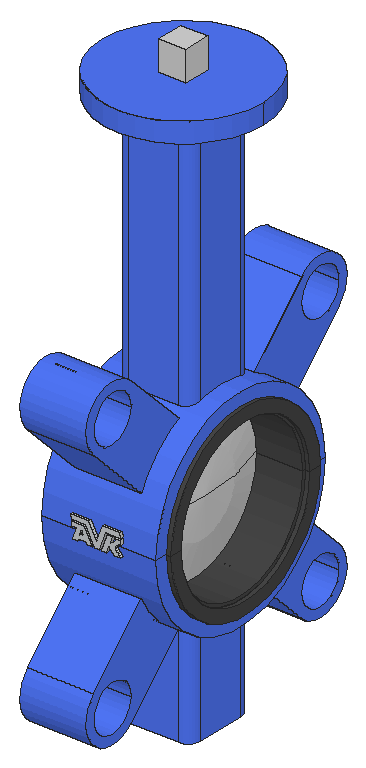
Revit family "820-10-029-DN25-65", category Pipe Accessories, Revit 2022
Family settings
  Round Connector Dimension = Use Diameter
  Part Type = Valve - Breaks Into
  Work Plane-Based = No
  Always vertical = Yes
  Cut with Voids When Loaded = No
  Shared = No
Parameters (values of type "DN65_PN10/16")
  fillet = 2 * Body_wallthickness  # 20 mm
  disk = LUG_T * 0.7  # 12.88 mm
  W2_ref = size_lookup(Search_table, "W2", 0 mm, DN)  # 150 mm
  URL product pages = "https://www.avkvalves.com/P.aspx?no=820002510541L0160002"
  Search_table = "820-10-029-DN25-65"
  Rubber_R = (Body_wallthickness / 2) + ID  # 37.5 mm
  PCD = size_lookup(Search_table, "PCD", 0 mm, DN) / 2  # 72.5 mm
  Lug_D = (Hole_dia / 2) * 1.4  # 13.3 mm
  L_ref_3 = L_ref / 1.2  # 25 mm
  L_ref_2 = L_ref * 2  # 60 mm
  L_ref = L - (Flange_thickness * 2)  # 30 mm
  LUG_T = L * 0.4  # 18.4 mm
  L2 = size_lookup(Search_table, "L2", 0 mm, DN) / 2  # 65.5 mm
  L = size_lookup(Search_table, "L", 0 mm, DN)  # 46 mm
  ID = DN / 2  # 32.5 mm
  Hole_dia = size_lookup(Search_table, "Hole_dia", 0 mm, DN)  # 19 mm
  H2 = size_lookup(Search_table, "H2", 0 mm, DN)  # 82 mm
  Flange_thickness = size_lookup(Search_table, "Flange_Thickness", 0 mm, DN)  # 8 mm
  F2 = size_lookup(Search_table, "F2", 0 mm, DN)  # 12 mm
  F = size_lookup(Search_table, "F", 0 mm, DN)  # 11 mm
  EPDM = ID - 1 mm  # 31.5 mm
  Description_ = "AVK CENTRIC BUTTERFLY VALVE LUG TYPE, PN10/16"
  Default Elevation = 0 mm
  DN65_PN10/16 = "820-0065-10-541L0160002"
  DN = 65 mm
  Bore = DN / 2  # 32.5 mm
  Body_wallthickness = 10 mm  # constant formula
  DN50_PN10/16 = "820-0050-10-541L0160002"
  DN40_PN10/16 = "820-0040-10-541L0160002"
  DN32_PN10/16 = "820-0032-10-541L0160002"
  DN25_PN10/16 = "820-0025-10-541L0160002"
  Actuator_Dia = size_lookup(Search_table, "Actuator_Dia", 0 mm, DN)  # 65 mm
  Actuator FL_D = size_lookup(Search_table, "Actuator FL_D", 0 mm, DN)  # 80 mm
  90 = 90 mm  # constant formula
  2 = 2 mm  # constant formula
Types (6, lengths in mm): name | disk | W2_ref | Rubber_R | PCD | Lug_D | L_ref_3 | L_ref_2 | L_ref | LUG_T | L2 | L | ID | Hole_dia | H2 | Flange_thickness | F | EPDM | DN | Bore | Actuator FL_D
  (no name) | 12.88 | 150 | 37.5 | 72.5 | 13.3 | 25 | 60 | 30 | 18.4 | 65.5 | 46 | 32.5 | 19 | 82 | 8 | 11 | 31.5 | 65 | 32.5 | 80
  DN25_PN10/16 | 8.4 | 110 | 17.5 | 42.5 | 9.8 | 15 | 36 | 18 | 12 | 50.5 | 30 | 12.5 | 14 | 51 | 6 | 8 | 11.5 | 25 | 12.5 | 50
  DN32_PN10/16 | 8.4 | 110 | 21 | 50 | 13.3 | 15 | 36 | 18 | 12 | 50.5 | 30 | 16 | 19 | 51 | 6 | 8 | 15 | 32 | 16 | 60
  DN40_PN10/16 | 9.24 | 130 | 25 | 55 | 13.3 | 15.833 | 38 | 19 | 13.2 | 54 | 33 | 20 | 19 | 54 | 7 | 8 | 19 | 40 | 20 | 70
  DN50_PN10/16 | 12.04 | 135 | 30 | 62.5 | 13.3 | 24.167 | 58 | 29 | 17.2 | 58 | 43 | 25 | 19 | 72 | 7 | 11 | 24 | 50 | 25 | 70
  DN65_PN10/16 | 12.88 | 150 | 37.5 | 72.5 | 13.3 | 25 | 60 | 30 | 18.4 | 65.5 | 46 | 32.5 | 19 | 82 | 8 | 11 | 31.5 | 65 | 32.5 | 80
Reference planes
  plane 1 "Center (Front/Back)": y = 0
  plane 2: z = 0
  plane 3 "Center (Left/Right)": x = 0
  plane 4: z = 150
  plane 5: z = -82
  plane 6: y = 15
  plane 7: x = -15
  plane 8: y = -15
  plane 9: x = 15
  plane 10: x = -10
  plane 11: x = 10
  plane 12: y = -10
  plane 13: y = -10
  plane 14: x = -10
  plane 15: x = 10
  plane 16: y = 10
  plane 17: y = 10
  plane 18: z = 162
  plane 19: z = 32.5
  plane 20: z = -32.5
  plane 21: y = -65.5
  plane 22: y = 65.5
  plane 23: x = -23
  plane 24: x = 23
  plane 25: x = -9.2
  plane 26: x = 9.2
  plane 27: x = -9.2
  plane 28: x = 9.2
  plane 29: through (0, 0, 0) normal (0, 0.7071, 0.7071)
  plane 30: through (0, 0, 0) normal (0, 0.7071, -0.7071)
  plane 31: x = -9.2
  plane 32: x = 9.2
  plane 33: x = 5.5
  plane 34: x = -5.5
  plane 35: y = 32.5
  plane 36: y = -32.5
  plane 37: x = -32.5
  plane 38: x = 32.5
Forms (mm)
  Revolve 1, solid, material "Plastic"
    sketch origin (0, 0, 0) x (1, 0, 0) y (0, 1, 0)
      loop
        line (-23, 42.5) -> (-23, 32.5) -> (23, 32.5) -> (23, 42.5) -> (-23, 42.5)
      axis (-23, 0) -> (23, 0)
    angle from 0 to 360
  Extrusion 2, solid, material "Plastic"
    sketch origin (0, 0, 0) x (1, 0, 0) y (0, 1, 0)
      loop
        arc (-10, 15) -> (-13.536, 13.536) -> (-15, 10) r 5
        line (-15, 10) -> (-15, -10)
        arc (-15, -10) -> (-13.536, -13.536) -> (-10, -15) r 5
        line (-10, -15) -> (10, -15)
        arc (10, -15) -> (13.536, -13.536) -> (15, -10) r 5
        line (15, -10) -> (15, 10)
        arc (15, 10) -> (13.536, 13.536) -> (10, 15) r 5
        line (10, 15) -> (-10, 15)
    from -82 to 142
  Extrusion 3, solid, material "Plastic"
    sketch origin (0, 0, 0) x (1, 0, 0) y (0, 1, 0)
      loop
        circle (0, 0) r 32.5
    from 142 to 150
  Extrusion 4, solid, material "Stainless Steel AISI 304"
    sketch origin (0, 0, 0) x (1, 0, 0) y (0, 1, 0)
      loop
        line (-5.5, 5.5) -> (-5.5, -5.5) -> (5.5, -5.5) -> (5.5, 5.5) -> (-5.5, 5.5)
    from 150 to 162
  Revolve 5, void
    sketch origin (0, 0, 0) x (1, 0, 0) y (0, 1, 0)
      loop
        line (-23, 32.5) -> (-23, 0) -> (23, 0) -> (23, 32.5) -> (-23, 32.5)
      axis (-23, 0) -> (23, 0)
    angle from 0 to 360
  Revolve 6, solid, material "Stainless Steel AISI 304"
    sketch origin (0, 0, 0) x (1, 0, 0) y (0, 1, 0)
      loop
        line (-9.2, 0) -> (9.2, 0)
        arc (9.2, 0) -> (7.82, 16.484) -> (3.68, 32.5) r 97.757
        line (3.68, 32.5) -> (-3.68, 32.5)
        arc (-3.68, 32.5) -> (-7.82, 16.484) -> (-9.2, 0) r 97.757
      axis (-9.2, 0) -> (9.2, 0)
    angle from 0 to 360
  Revolve 7, solid, material "Default Wall"
    sketch origin (0, 0, 0) x (1, 0, 0) y (0, 1, 0)
      loop
        line (-23, 32.5) -> (-23, 31.5) -> (23, 31.5) -> (23, 32.5) -> (-23, 32.5)
      axis (23, 0) -> (-23, 0)
    angle from 0 to 360
  Extrusion 8, solid, material "Plastic"
    sketch origin (0, 0, 0) x (0, 1, 0) y (0, 0, 1)
      loop
        arc (-30.373, 11.564) -> (-22.981, 22.981) -> (-11.564, 30.373) r 32.5
        line (-11.564, 30.373) -> (-42.795, 61.605)
        arc (-42.795, 61.605) -> (-61.605, 61.605) -> (-61.605, 42.795) r 13.3
        line (-61.605, 42.795) -> (-30.373, 11.564)
      loop
        circle (-52.2, 52.2) r 9.5
    from -13.3 to 13.3
  Extrusion 9, solid, material "Plastic"
    sketch origin (0, 0, 0) x (0, -1, 0) y (0, 0, -1)
      loop
        line (-30.373, -11.564) -> (-61.605, -42.795)
        arc (-61.605, -42.795) -> (-61.605, -61.605) -> (-42.795, -61.605) r 13.3
        line (-42.795, -61.605) -> (-11.564, -30.373)
        arc (-11.564, -30.373) -> (-22.981, -22.981) -> (-30.373, -11.564) r 32.5
      loop
        circle (-52.2, -52.2) r 9.5
    from -13.3 to 13.3
  Extrusion 10, solid, material "Plastic"
    sketch origin (0, 0, 0) x (0, 1, 0) y (0, 0, 1)
      loop
        line (-30.373, -11.564) -> (-61.605, -42.795)
        arc (-61.605, -42.795) -> (-61.605, -61.605) -> (-42.795, -61.605) r 13.3
        line (-42.795, -61.605) -> (-11.564, -30.373)
        arc (-11.564, -30.373) -> (-22.981, -22.981) -> (-30.373, -11.564) r 32.5
      loop
        circle (-52.2, -52.2) r 9.5
    from -13.3 to 13.3
  Extrusion 11, solid, material "Plastic"
    sketch origin (0, 0, 0) x (0, -1, 0) y (0, 0, -1)
      loop
        arc (-30.373, 11.564) -> (-22.981, 22.981) -> (-11.564, 30.373) r 32.5
        line (-11.564, 30.373) -> (-42.795, 61.605)
        arc (-42.795, 61.605) -> (-61.605, 61.605) -> (-61.605, 42.795) r 13.3
        line (-61.605, 42.795) -> (-30.373, 11.564)
      loop
        circle (-52.2, 52.2) r 9.5
    from -13.3 to 13.3
  Revolve 12, solid, material "Default Wall"
    sketch origin (0, 0, 0) x (1, 0, 0) y (0, 1, 0)
      loop
        line (-25, 37.5) -> (-25, 32.5) -> (-23, 32.5) -> (-23, 37.5) -> (-25, 37.5)
      loop
        line (23, 37.5) -> (23, 32.5) -> (25, 32.5) -> (25, 37.5) -> (23, 37.5)
      axis (-25, 0) -> (25, 0)
    angle from 0 to 360
Cuts and joins
  Revolve 5 cuts Revolve 1
  Revolve 5 cuts Extrusion 2
Dimensions and locks
  equal spacing: Revolve 1 sketch curve, plane 3 "Center (Left/Right)", Revolve 1 sketch curve
  "ID": plane 1 "Center (Front/Back)" to Revolve 1 sketch curve
  "Body_wallthickness": Revolve 1 sketch curve to Revolve 1 sketch curve
  "W2_ref": plane 4 to level
  "H2": level to plane 5
  locked: plane 7 to plane 10 at 5
  locked: plane 11 to plane 9 at 5
  locked: plane 6 to plane 16 at 5
  locked: plane 12 to plane 8 at 5
  locked: plane 15 to plane 9 at 5
  locked: plane 7 to plane 14 at 5
  locked: plane 13 to plane 8 at 5
  locked: plane 17 to plane 6 at 5
  equal spacing: plane 7, plane 3 "Center (Left/Right)", plane 9
  "L_ref": plane 7 to plane 9
  equal spacing: plane 6, plane 1 "Center (Front/Back)", plane 8
  "L_ref": plane 6 to plane 8
  "Flange_thickness": plane 4 to Extrusion 3
  "F2": plane 18 to plane 4
  equal spacing: plane 19, level, plane 20
  "ID": plane 19 to level
  "L2": plane 1 "Center (Front/Back)" to plane 21
  equal spacing: plane 22, plane 1 "Center (Front/Back)", plane 21
  plane 18 to plane 4 = 12 mm
  equal spacing: Extrusion 4 sketch curve, plane 3 "Center (Left/Right)", Extrusion 4 sketch curve
  equal spacing: Extrusion 4 sketch curve, plane 1 "Center (Front/Back)", Extrusion 4 sketch curve
  "F": Extrusion 4 sketch curve to Extrusion 4 sketch curve  (x2)
  equal spacing: plane 24, plane 3 "Center (Left/Right)", plane 23
  "L": plane 24 to plane 23
  equal spacing: Revolve 5 sketch curve, plane 3 "Center (Left/Right)", Revolve 5 sketch curve
  "L": Revolve 5 sketch curve to Revolve 5 sketch curve
  "ID": plane 1 "Center (Front/Back)" to Revolve 5 sketch curve
  "L": Revolve 1 sketch curve to Revolve 1 sketch curve
  "Flange_thickness": plane 4 to cut or joined group of Extrusion 2, Revolve 5
  equal spacing: plane 23, Extrusion 3 sketch curve, plane 24
  equal spacing: plane 21, Extrusion 3 sketch curve, plane 22
  equal spacing: plane 26, plane 3 "Center (Left/Right)", plane 25
  "LUG_T": plane 26 to plane 25
  equal spacing: Revolve 7 sketch curve, plane 3 "Center (Left/Right)", Revolve 7 sketch curve
  "EPDM": plane 1 "Center (Front/Back)" to Revolve 7 sketch curve
  "ID": plane 1 "Center (Front/Back)" to Revolve 7 sketch curve
  "ID": plane 1 "Center (Front/Back)" to Revolve 6 sketch curve
  equal spacing: plane 24, nested 1, plane 23
  equal spacing: Revolve 6 sketch curve, plane 3 "Center (Left/Right)", Revolve 6 sketch curve  (x2)
  equal spacing: plane 27, plane 3 "Center (Left/Right)", plane 28
  "LUG_T": plane 27 to plane 28
  "LUG_T": plane 27 to Revolve 6 sketch curve
  "disk": Revolve 6 sketch curve to plane 28
  equal spacing: Extrusion 8 sketch curve, plane 29, Extrusion 8 sketch curve  (x2)
  "Lug_D": Extrusion 8 sketch curve to plane 29
  equal spacing: plane 32, plane 3 "Center (Left/Right)", plane 31
  "LUG_T": plane 32 to plane 31
  "L2": plane 1 "Center (Front/Back)" to Extrusion 8 sketch curve
  equal spacing: Extrusion 9 sketch curve, plane 30, Extrusion 9 sketch curve  (x2)
  "Lug_D": Extrusion 9 sketch curve to plane 30
  "L2": Extrusion 9 sketch curve to plane 1 "Center (Front/Back)"
  equal spacing: Extrusion 11 sketch curve, plane 29, Extrusion 11 sketch curve  (x2)
  "L2": Extrusion 11 sketch curve to plane 1 "Center (Front/Back)"
  "Lug_D": plane 29 to Extrusion 11 sketch curve
  "Lug_D": Extrusion 10 sketch curve to plane 30
  "L2": plane 1 "Center (Front/Back)" to Extrusion 10 sketch curve
  equal spacing: Extrusion 10 sketch curve, plane 30, Extrusion 10 sketch curve  (x2)
  equal spacing: Extrusion 9, plane 3 "Center (Left/Right)", Extrusion 9
  "Lug_D": plane 3 "Center (Left/Right)" to Extrusion 9
  equal spacing: Extrusion 11, plane 3 "Center (Left/Right)", Extrusion 11
  "Lug_D": Extrusion 11 to plane 3 "Center (Left/Right)"
  plane 22 to plane 21 = 131 mm
  plane 24 to plane 23 = 46 mm
  equal spacing: plane 33, plane 3 "Center (Left/Right)", plane 34
  "F": plane 34 to plane 33
  equal spacing: plane 35, plane 1 "Center (Front/Back)", plane 36
  "Actuator_Dia": plane 35 to plane 36
  equal spacing: Revolve 12 sketch curve, plane 3 "Center (Left/Right)", Revolve 12 sketch curve  (x2)
  "ID": plane 1 "Center (Front/Back)" to Revolve 12 sketch curve
  "2": Revolve 12 sketch curve to plane 23
  "Rubber_R": plane 1 "Center (Front/Back)" to Revolve 12 sketch curve
  equal spacing: plane 38, plane 3 "Center (Left/Right)", plane 37
  "Actuator_Dia": plane 38 to plane 37
  equal spacing: Extrusion 8, plane 3 "Center (Left/Right)", Extrusion 8
  "Lug_D": plane 3 "Center (Left/Right)" to Extrusion 8
  equal spacing: Extrusion 10, plane 3 "Center (Left/Right)", Extrusion 10
  "Lug_D": plane 3 "Center (Left/Right)" to Extrusion 10
  "Actuator_Dia": diameter of Extrusion 3 sketch curve
  "Bore": radius of Extrusion 8 sketch curve
  "Bore": radius of Extrusion 9 sketch curve
  "Bore": radius of Extrusion 10 sketch curve
  "Bore": radius of Extrusion 11 sketch curve
  "Hole_dia": diameter of Extrusion 9 sketch curve
  "Hole_dia": diameter of Extrusion 8 sketch curve
  "Hole_dia": diameter of Extrusion 11 sketch curve
  "Hole_dia": diameter of Extrusion 10 sketch curve
  angle level to plane 29 = 45.00°
  angle plane 30 to level = 45.00°
  aligned and locked: level to plane 2
  aligned and locked: plane 1 "Center (Front/Back)" to Revolve 1 sketch curve
  aligned and locked: plane 11 to Extrusion 2 sketch curve
  aligned and locked: plane 6 to Extrusion 2 sketch curve  (x2)
  aligned and locked: plane 16 to Extrusion 2 sketch curve
  aligned and locked: plane 9 to Extrusion 2 sketch curve  (x2)
  aligned and locked: plane 12 to Extrusion 2 sketch curve
  aligned and locked: plane 8 to Extrusion 2 sketch curve  (x2)
  aligned and locked: plane 15 to Extrusion 2 sketch curve
  aligned and locked: plane 14 to Extrusion 2 sketch curve
  aligned and locked: plane 7 to Extrusion 2 sketch curve  (x2)
  aligned and locked: plane 13 to Extrusion 2 sketch curve
  aligned and locked: plane 17 to Extrusion 2 sketch curve
  aligned and locked: plane 10 to Extrusion 2 sketch curve
  aligned and locked: Extrusion 2 to plane 5
  aligned and locked: Extrusion 3 to plane 4
  aligned and locked: plane 18 to Extrusion 4
  aligned and locked: plane 4 to Extrusion 4
  aligned and locked: Revolve 5 sketch curve to plane 1 "Center (Front/Back)"
  aligned and locked: plane 1 "Center (Front/Back)" to Revolve 5 sketch curve
  aligned and locked: Revolve 6 sketch curve to plane 1 "Center (Front/Back)"
  aligned and locked: plane 23 to Revolve 7 sketch curve
  aligned and locked: Revolve 7 sketch curve to plane 1 "Center (Front/Back)"
  aligned and locked: Revolve 12 sketch curve to Revolve 12 sketch curve  (x2)
  aligned and locked: Revolve 12 sketch curve to plane 23
  aligned and locked: plane 1 "Center (Front/Back)" to Revolve 12 sketch curve
Automatic sketch dimensions
  Revolve 1 sketch curve to plane 23 = 0 mm
  Revolve 1 sketch curve to plane 24 = 0 mm
  Revolve 5 sketch curve to plane 37 = 48.546 mm
  plane 23 to Revolve 5 sketch curve = 0.357 mm
  plane 1 "Center (Front/Back)" to Revolve 6 sketch curve = 0 mm
  Revolve 6 sketch curve to plane 1 "Center (Front/Back)" = 0.115 mm  (x2)
  Revolve 6 sketch curve to plane 37 = 1.242 mm
  Revolve 6 sketch curve to plane 38 = 0.584 mm
  Revolve 7 sketch curve to plane 38 = 26.469 mm
  Revolve 7 sketch curve to Revolve 7 sketch curve = 12.301 mm
  Extrusion 8 sketch curve to Extrusion 8 sketch curve = 0 mm  (x3)
  Extrusion 8 sketch curve to level = 0 mm
  Extrusion 8 sketch curve to plane 1 "Center (Front/Back)" = 0 mm
  Extrusion 9 sketch curve to Extrusion 9 sketch curve = 0 mm  (x3)
  Extrusion 9 sketch curve to level = 0 mm
  Extrusion 9 sketch curve to plane 1 "Center (Front/Back)" = 0 mm
  Extrusion 10 sketch curve to Extrusion 10 sketch curve = 0 mm  (x3)
  Extrusion 10 sketch curve to level = 0 mm
  Extrusion 10 sketch curve to plane 1 "Center (Front/Back)" = 0 mm
  Extrusion 11 sketch curve to Extrusion 11 sketch curve = 0 mm  (x2)
  Extrusion 11 sketch curve to level = 0 mm
  Extrusion 11 sketch curve to plane 1 "Center (Front/Back)" = 0 mm
  Revolve 12 sketch curve to plane 37 = 119.789 mm
  plane 23 to Revolve 12 sketch curve = 2.88 mm
Nested families
  nested 1: "Latest New 3" at (0, -42.38, -3.186) x (1, 0, 0) z (0, -0.9972, -0.075), type "Latest New 3"
Connectors
  piping at (23, 0, 0), diameter 65, driven by "DN"
    settings: on Revolve 1, index 1, connector inside diameter 609.6 mm, connector length 0 mm, flow factor 0, pipe flow 0.0 L/s, pressure drop 0.0 Pa, fitting loss kfactor 0, connector angle 0.00°, fixture units 0, engagement length 0 mm, angle of deflection 0.00°, flow configuration 0, flow direction 0, fitting loss method 0, system type 7, joint type 0, gender type 0, connector reference index -1, connector utility 0, adjustable connector no, is connector primary yes, connector description ""
  piping at (-23, 0, 0), diameter 65, driven by "DN"
    settings: on cut or joined group of Revolve 1, Revolve 5, index 2, connector inside diameter 609.6 mm, connector length 0 mm, flow factor 0, pipe flow 0.0 L/s, pressure drop 0.0 Pa, fitting loss kfactor 0, connector angle 0.00°, fixture units 0, engagement length 0 mm, angle of deflection 0.00°, flow configuration 0, flow direction 0, fitting loss method 0, system type 7, joint type 0, gender type 0, connector reference index -1, connector utility 0, adjustable connector no, is connector primary no, connector description ""
Definition of nested family "Latest New 3"
  Parameters
    Default Elevation = 1219.2 mm
  Reference planes
    plane 1 "Center (Front/Back)": y = 0
    plane 2: z = 0
    plane 3 "Center (Left/Right)": x = 0
  Forms (mm)
    Extrusion 1, solid
      sketch origin (0, 0, 0) x (1, 0, 0) y (0, 1, 0)
        loop
          line (-1219.2, 1219.2) -> (-1219.2, -1219.2) -> (1219.2, -1219.2) -> (1219.2, 1219.2) -> (-1219.2, 1219.2)
      from 0 to -304.8
    Extrusion 2, solid
      sketch origin (0, 0, 0) x (1, 0, 0) y (0, 1, 0)
        loop
          line (-2.683, 9.413) -> (-9.884, 9.413) -> (-9.884, 7.46) -> (-4.022, 7.46) -> (-0.985, 0) -> (0.985, 0) -> (4.022, 7.46) -> (9.884, 7.46) -> (9.884, 9.413) -> (2.683, 9.413) -> (0, 2.824) -> (-2.683, 9.413)
        loop
          line (-4.528, 6.707) -> (-9.884, 6.707) -> (-9.884, 4.824) -> (-8.032, 4.824) -> (-9.884, 0) -> (-7.792, 0) -> (-7.394, 1.035) -> (-4.328, 1.035) -> (-3.907, 0) -> (-1.798, 0) -> (-4.528, 6.707)
        loop
          line (-6.91, 2.824) -> (-5.056, 2.824) -> (-6.01, 5.167) -> (-6.91, 2.824)
        loop
          line (1.798, 0) -> (3.907, 0) -> (4.98, 2.637) -> (6.968, 0) -> (9.413, 0) -> (7.166, 2.983)
          arc (7.166, 2.983) -> (8.216, 3.774) -> (9.007, 4.824) r 4.724
          line (9.007, 4.824) -> (9.884, 4.824) -> (9.884, 6.707) -> (8.001, 6.707)
          arc (8.001, 6.707) -> (7.315, 5.008) -> (5.642, 4.261) r 2.448
          line (5.642, 4.261) -> (6.637, 6.707) -> (4.528, 6.707) -> (1.798, 0)
      from 0 to 1
  Dimensions and locks
    aligned and locked: plane 2 to Extrusion 1
    aligned and locked: level to Extrusion 1
    aligned and locked: Extrusion 2 sketch curve to import instance  (x30)
